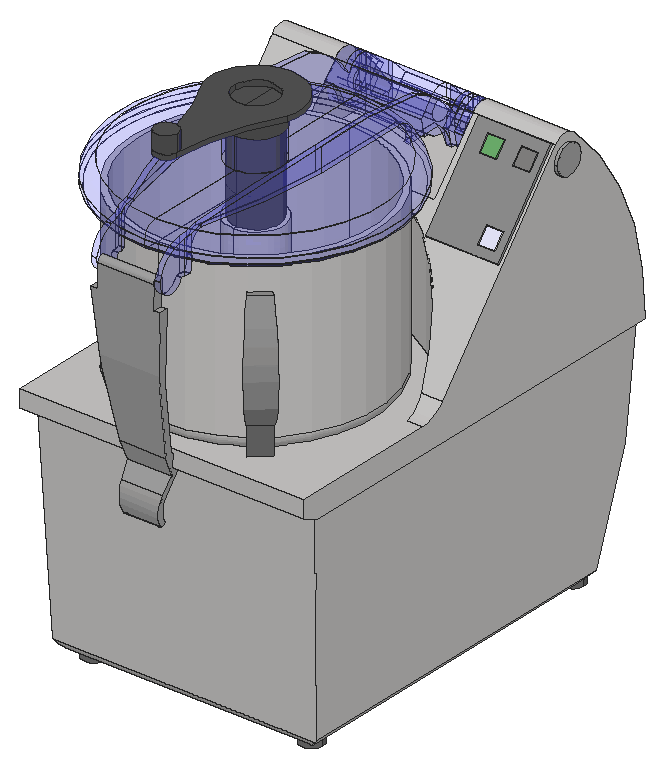
Revit family "QF_DITOSAMA_600456_DK45YVVG", category Specialty Equipment, Revit 2018
Family settings
  Round Connector Dimension = Use Diameter
  Part Type = Normal
  Work Plane-Based = No
  Always vertical = Yes
  Cut with Voids When Loaded = No
  Shared = No
  Room Calculation Point = No
Parameters (values of type "Standard")
  Weight = 22.00 kg
  Watts = 0 W
  Volts = 200 V
  URL Manufacturer = "http://www.ditosama.com"
  URL = "http://www.ditosama.com"
  Steam Supply Size = 0 mm
  Steam Supply Minimum Pressure = 0.0 Pa
  Steam Supply Maximum Pressure = 0.0 Pa
  Steam Pounds per Hour = 0
  Refrigeration Suction Line Size = 0.0 mm
  Refrigeration Liquid Line Size = 0.0 mm
  Refrigerant Compressor Remote = yes
  Manufacturer = "Dito Sama"
  Phase = 1
  Model = "DK45YVVG"
  Length Actual = 256.0 mm  # constant formula
  Item Number = "600456"
  Hot Water Size = 0 mm
  Height Actual = 482.0 mm  # constant formula
  HP = "1.3 HP"
  Gas Size = 0 mm
  Gas KW = 0
  Gas Input Pressure = 0 W
  Direct Waste Size = 0 mm
  Description = "CUTTER-MIXER 4.5L-MICROTOOTHED BLADE-VARIAB.SPEED-1000W-200-240/1/50-60-UK"
  Depth Actual = 415.0 mm  # constant formula
  Cycle = 50 Hz
  Condensate Return Size = 0 mm
  Compressed Air Volume = 0.0 L/s
  Compressed Air Size = 0 mm
  Compressed Air Pressure = 0.0 Pa
  Cold Water Size = 0 mm
  Accessory = yes
Reference planes
  plane 1 "Center (Front/Back)": y = 0
  plane 2: z = 0
  plane 3 "Center (Left/Right)": x = 0
  plane 4 "BASE": z = 6
  plane 5 "TOP": z = 685
  plane 6 "FRONT": y = -207.5
  plane 7 "BACK": y = 207.5
  plane 8 "LEFT": x = -128
  plane 9 "RIGHT": x = 128
  plane 10 "CenterX": x = -10
  plane 11 "Maniglia": through (-10, -59.177, 4000) normal (0.766, 0.6428, 0)
  plane 12 "Panel": through (4267.2, 107.252, 388.448) normal (0, 0.766, -0.6428)
  plane 13: z = 470
Forms (mm)
  Extrusion 1, solid, material "QF_Finishes_Stainless Steel"
    sketch origin (0, 0, 0) x (0, 1, 0) y (0, 0, 1)
      loop
        arc (155.897, 6) -> (160.37, 10.596) -> (163.359, 16.27) r 22.417
        arc (163.359, 16.27) -> (192.273, 107.896) -> (201.98, 203.483) r 470.678
        line (201.98, 203.483) -> (-161.42, 203.483)
        arc (-161.42, 203.483) -> (-159.547, 108.877) -> (-151.391, 14.604) r 1423.016
        arc (-151.391, 14.604) -> (-146.603, 8.365) -> (-139.103, 6) r 13.076
        line (-139.103, 6) -> (155.897, 6)
    from -128 to 128
  Extrusion 2, void
    sketch origin (0, -207.5, 0) x (-1, 0, 0) y (0, 0, 1)
      loop
        line (128, 203.483) -> (125, 203.483) -> (119.389, 16.27) -> (109.119, 6) -> (128, 6) -> (128, 203.483)
      loop
        line (-128, 203.483) -> (-128, 6) -> (-109.119, 6) -> (-119.389, 16.27) -> (-125, 203.483) -> (-128, 203.483)
    from 14.374 to 435.947
  Extrusion 3, solid, material "QF_Finishes_Stainless Steel"
    sketch origin (0, 0, 0) x (0, 1, 0) y (0, 0, 1)
      loop
        arc (207.5, 203.483) -> (187.745, 305.45) -> (127.203, 389.844) r 242.898
        arc (127.203, 389.844) -> (116.931, 393.38) -> (107.252, 388.448) r 13.902
        line (107.252, 388.448) -> (-20.106, 236.67)
        arc (-20.106, 236.67) -> (-30.264, 228.875) -> (-42.764, 226.104) r 29.578
        line (-42.764, 226.104) -> (-177.764, 226.104) -> (-177.764, 211.104) -> (-161.42, 203.483) -> (207.5, 203.483)
    from -128 to 128
  Extrusion 4, void
    sketch origin (0, -207.5, 0) x (-1, 0, 0) y (0, 0, 1)
      loop
        line (-53.607, 393.414) -> (-53.607, 336.684) -> (71.073, 336.684) -> (71.073, 393.414) -> (-53.607, 393.414)
    from 255.469 to 415
  Revolve 5, solid, material "QF_Plastic-Black"
    sketch origin (-10, 0, 0) x (0, -1, 0) y (0, 0, 1)
      loop
        line (59.177, 450.527) -> (28.516, 450.527) -> (35.424, 443.619) -> (35.424, 430.527) -> (38.194, 430.527) -> (38.194, 356.104) -> (59.177, 356.104) -> (59.177, 450.527)
      axis (59.177, 356.104) -> (59.177, 450.527)
    angle from 0 to 360
  Extrusion 6, solid, material "QF_Plastic-Black"
    sketch origin (0, 0, 0) x (1, 0, 0) y (0, 1, 0)
      loop
        arc (-48.167, -71.147) -> (-28.951, -114.517) -> (-19.956, -161.093) r 210.055
        arc (-19.956, -161.093) -> (-10, -170.155) -> (-0.044, -161.093) r 10
        arc (-0.044, -161.093) -> (8.951, -114.517) -> (28.167, -71.147) r 210.055
        arc (28.167, -71.147) -> (-10, -19.177) -> (-48.167, -71.147) r 40
    from 450.5 to 455
  Extrusion 7, solid, material "QF_Plastic-Black"
    sketch origin (0, 0, 0) x (1, 0, 0) y (0, 1, 0)
      loop
        circle (-10, -160.155) r 10
    from 455 to 470
  Extrusion 8, void
    sketch origin (0, 0, 0) x (1, 0, 0) y (0, 1, 0)
      loop
        circle (-10, -59.177) r 19
    from 427.6 to 472.8
  Extrusion 9, void
    sketch origin (0, 0, 0) x (1, 0, 0) y (0, 1, 0)
      loop
        arc (115, -59.177) -> (-10, 65.823) -> (-135, -59.177) r 125
        line (-135, -59.177) -> (115, -59.177)
    from 226.104 to 336.684
  Extrusion 10, void
    sketch origin (-20, 0, 0) x (-1, 0, 0) y (0, -1, 0)
      loop
        line (16.15, 177.864) -> (16.15, -123.86) -> (35.771, -123.86) -> (35.771, 48.192)
        arc (35.771, 48.192) -> (30.047, 105.502) -> (17.781, 161.776) r 500.876
        line (17.781, 161.776) -> (17.781, 171.776) -> (16.15, 177.864)
      loop
        line (40.771, -123.86) -> (45.852, -123.86) -> (45.852, 210.681) -> (21.15, 210.681) -> (21.15, 178.522) -> (22.781, 172.434) -> (22.781, 162.459)
        arc (22.781, 162.459) -> (35.047, 105.893) -> (40.771, 48.297) r 505.876
        line (40.771, 48.297) -> (40.771, -123.86)
    from 350.345 to 477.521
  Extrusion 11, solid, material "Glass"
    sketch origin (-20, 0, 0) x (0, 1, 0) y (0, 0, -1)
      loop
        line (-173.064, -369.647) -> (-181.303, -369.647)
        arc (-181.303, -369.647) -> (-196.341, -361.818) -> (-205.451, -376.117) r 12.548
        arc (-205.451, -376.117) -> (-199.87, -388.651) -> (-189.058, -397.099) r 28.357
        arc (-189.058, -397.099) -> (-65.868, -423.241) -> (59.99, -418.888) r 518.061
        arc (59.99, -418.888) -> (85.116, -404.522) -> (104.437, -382.973) r 90.696
        arc (104.437, -382.973) -> (113.885, -392.821) -> (127.203, -389.844) r 13.902
        arc (127.203, -389.844) -> (135.322, -382.188) -> (143.082, -374.167) r 242.898
        line (143.082, -374.167) -> (137.378, -368.464)
        arc (137.378, -368.464) -> (123.613, -353.84) -> (104.088, -358.543) r 20
        line (104.088, -358.543) -> (99.34, -358.543)
        arc (99.34, -358.543) -> (94.194, -371.609) -> (85.823, -382.884) r 53.446
        line (85.823, -382.884) -> (50.823, -382.884)
        arc (50.823, -382.884) -> (52.796, -383.701) -> (53.614, -385.674) r 2.79
        line (53.614, -385.674) -> (53.614, -390.892)
        arc (53.614, -390.892) -> (50.154, -399.244) -> (41.802, -402.703) r 11.812
        line (41.802, -402.703) -> (-160.307, -402.703)
        arc (-160.307, -402.703) -> (-168.659, -399.244) -> (-172.119, -390.892) r 11.812
        line (-172.119, -390.892) -> (-172.119, -385.826)
        arc (-172.119, -385.826) -> (-171.728, -384.361) -> (-170.659, -383.285) r 2.942
        line (-170.659, -383.285) -> (-173.064, -369.647)
      loop
        circle (117.901, -373.007) r 9.416
    from 16.15 to 45.852
  Extrusion 12, solid, material "Glass"
    sketch origin (0, 0, 0) x (0, 1, 0) y (0, 0, 1)
      loop
        line (137.378, 368.464) -> (143.082, 374.167)
        arc (143.082, 374.167) -> (135.322, 382.188) -> (127.203, 389.844) r 242.898
        arc (127.203, 389.844) -> (116.931, 393.38) -> (107.252, 388.448) r 13.902
        line (107.252, 388.448) -> (95.766, 374.76)
        arc (95.766, 374.76) -> (97.862, 366.72) -> (99.34, 358.543) r 108.872
        line (99.34, 358.543) -> (104.088, 358.543)
        arc (104.088, 358.543) -> (123.613, 353.84) -> (137.378, 368.464) r 20
      loop
        circle (117.901, 373.007) r 9.416
    from -71.073 to 53.607
  Extrusion 13, solid, material "QF_Finishes_Gray"
    sketch origin (0, 0, 0) x (0, 1, 0) y (0, 0, 1)
      loop
        arc (-182.273, 168.111) -> (-185.377, 178.111) -> (-182.273, 188.111) r 17.658
        line (-182.273, 188.111) -> (-169.592, 207.294) -> (-177.764, 211.104) -> (-177.764, 222.201) -> (-180.378, 224.815)
        arc (-180.378, 224.815) -> (-194.973, 298.318) -> (-196.805, 373.235) r 437.299
        arc (-196.805, 373.235) -> (-201.296, 377.726) -> (-205.788, 373.235) r 4.491
        arc (-205.788, 373.235) -> (-201.07, 296.739) -> (-185.461, 221.705) r 534.528
        line (-185.461, 221.705) -> (-177.764, 203.503) -> (-186.394, 190.943)
        arc (-186.394, 190.943) -> (-190.377, 178.111) -> (-186.394, 165.28) r 22.658
        arc (-186.394, 165.28) -> (-182.917, 164.635) -> (-182.273, 168.111) r 2.5
    from -49.646 to 27.326
  Extrusion 14, void
    sketch origin (0, -207.5, 0) x (-1, 0, 0) y (0, 0, 1)
      loop
        line (-15.15, 396.938) -> (-47.326, 396.938) -> (-47.326, 161.938) -> (-5.366, 161.938) -> (-20.516, 351.652) -> (-15.15, 351.652) -> (-15.15, 396.938)
      loop
        line (26.963, 161.938) -> (77.918, 161.938) -> (77.918, 396.938) -> (35.15, 396.938) -> (35.15, 351.652) -> (42.113, 351.652) -> (26.963, 161.938)
    from 46.08 to -69.339
  Extrusion 15, solid, material "Glass"
    sketch origin (0, 0, 0) x (0, 1, 0) y (0, 0, 1)
      loop
        line (-173.064, 369.647) -> (-170.659, 383.285)
        arc (-170.659, 383.285) -> (-171.728, 384.361) -> (-172.119, 385.826) r 2.942
        line (-172.119, 385.826) -> (-172.119, 390.892)
        arc (-172.119, 390.892) -> (-168.659, 399.244) -> (-160.307, 402.703) r 11.812
        line (-160.307, 402.703) -> (41.802, 402.703)
        arc (41.802, 402.703) -> (50.154, 399.244) -> (53.614, 390.892) r 11.812
        line (53.614, 390.892) -> (53.614, 385.674)
        arc (53.614, 385.674) -> (52.796, 383.701) -> (50.823, 382.884) r 2.79
        line (50.823, 382.884) -> (85.823, 382.884)
        arc (85.823, 382.884) -> (94.194, 371.609) -> (99.34, 358.543) r 53.446
        line (99.34, 358.543) -> (104.088, 358.543)
        arc (104.088, 358.543) -> (123.613, 353.84) -> (137.378, 368.464) r 20
        line (137.378, 368.464) -> (143.082, 374.167)
        arc (143.082, 374.167) -> (135.322, 382.188) -> (127.203, 389.844) r 242.898
        arc (127.203, 389.844) -> (113.885, 392.821) -> (104.437, 382.973) r 13.902
        arc (104.437, 382.973) -> (85.116, 404.522) -> (59.99, 418.888) r 90.696
        arc (59.99, 418.888) -> (-65.868, 423.241) -> (-189.058, 397.099) r 518.061
        arc (-189.058, 397.099) -> (-199.87, 388.651) -> (-205.451, 376.117) r 28.357
        arc (-205.451, 376.117) -> (-196.341, 361.818) -> (-181.303, 369.647) r 12.548
        line (-181.303, 369.647) -> (-173.064, 369.647)
      loop
        circle (117.901, 373.007) r 9.416
    from 16.15 to 45.852
  Extrusion 16, void
    sketch origin (0, 0, 0) x (1, 0, 0) y (0, 1, 0)
      loop
        line (16.15, -177.864) -> (17.781, -171.776) -> (17.781, -161.776)
        arc (17.781, -161.776) -> (30.047, -105.502) -> (35.771, -48.192) r 500.876
        line (35.771, -48.192) -> (35.771, 123.86) -> (16.15, 123.86) -> (16.15, -177.864)
      loop
        line (40.771, 123.86) -> (40.771, -48.297)
        arc (40.771, -48.297) -> (35.047, -105.893) -> (22.781, -162.459) r 505.876
        line (22.781, -162.459) -> (22.781, -172.434) -> (21.15, -178.522) -> (21.15, -210.681) -> (45.852, -210.681) -> (45.852, 123.86) -> (40.771, 123.86)
    from 350.345 to 477.521
  Revolve 17, solid, material "Glass"
    sketch origin (-10, 0, -40) x (0, -1, 0) y (0, 0, 1)
      loop
        line (38.194, 422.884) -> (38.194, 470.527) -> (35.424, 470.527) -> (35.424, 442.703) -> (-53.802, 442.703)
        arc (-53.802, 442.703) -> (-62.213, 439.268) -> (-65.732, 430.892) r 11.871
        line (-65.732, 430.892) -> (-65.732, 425.793)
        arc (-65.732, 425.793) -> (-64.88, 423.736) -> (-62.823, 422.884) r 2.909
        line (-62.823, 422.884) -> (38.194, 422.884)
      axis (59.177, 422.884) -> (59.177, 470.527)
    angle from 0 to 360
  Revolve 18, solid, material "QF_Metal-Stainless-Polished"
    sketch origin (-10, 0, 0) x (0, -1, 0) y (0, 0, 1)
      loop
        line (169.177, 382.884) -> (164.177, 382.884) -> (164.177, 237.884)
        arc (164.177, 237.884) -> (162.191, 233.09) -> (157.397, 231.104) r 6.78
        line (157.397, 231.104) -> (84.177, 231.104) -> (84.177, 356.104) -> (79.177, 356.104) -> (79.177, 226.104) -> (157.397, 226.104)
        arc (157.397, 226.104) -> (165.726, 229.554) -> (169.177, 237.884) r 11.78
        line (169.177, 237.884) -> (169.177, 382.884)
      axis (59.177, 382.884) -> (59.177, 226.104)
    angle from 0 to 360
  Extrusion 19, solid, material "QF_Plastic-Gray-Matte"
    sketch origin (-49.423, -13.925, 0) x (0.634002, 0.773331, 0) y (-0.773331, 0.634002, 0)
      loop
        line (-55.497, -222.333) -> (-26.468, -227.794) -> (-20.635, -161.119)
        arc (-20.635, -161.119) -> (-28.727, -159.898) -> (-36.729, -158.185) r 133.529
        line (-36.729, -158.185) -> (-55.497, -222.333)
    from 226.104 to 356.104
  Revolve 20, void
    sketch origin (-35.007, -29.374, 0) x (-0.642788, 0.766044, 0) y (0, 0, 1)
      loop
        arc (-155.215, 337.579) -> (-171.344, 302.579) -> (-155.215, 267.579) r 46.04
        line (-155.215, 267.579) -> (-147.754, 267.579) -> (-147.754, 337.579) -> (-155.215, 337.579)
      loop
        line (-155.215, 356.104) -> (-147.754, 356.104) -> (-147.754, 361.761) -> (-215.215, 361.761) -> (-215.215, 226.104) -> (-147.754, 226.104) -> (-147.754, 256.485) -> (-163.93, 256.485)
        arc (-163.93, 256.485) -> (-184.453, 308.471) -> (-155.215, 356.104) r 62.537
      axis (10, 361.761) -> (10, 226.104)
    angle from -8.217 to 8.652
  Extrusion 21, solid, material "QF_Finishes_Rubber Black"
    sketch origin (0, 0, 0) x (1, 0, 0) y (0, 1, 0)
      loop
        arc (57.446, -154.071) -> (64.931, -148.135) -> (72.061, -141.775) r 165.215
        line (72.061, -141.775) -> (66.401, -136.116)
        arc (66.401, -136.116) -> (59.824, -141.977) -> (52.928, -147.46) r 157.215
        line (52.928, -147.46) -> (57.446, -154.071)
    from 226.104 to 256.485
  Extrusion 22, solid, material "QF_Plastic-Gray-Matte"
    sketch origin (0, -128.336, 107.686) x (0, 0.642788, 0.766044) y (1, 0, 0)
      loop
        line (366.07, 59.066) -> (366.07, 124.8) -> (272.743, 124.8) -> (272.743, 59.066) -> (366.07, 59.066)
      loop
        line (356.63, 102.599) -> (356.63, 117.599) -> (341.63, 117.599) -> (341.63, 102.599) -> (356.63, 102.599)
      loop
        line (295.63, 102.599) -> (295.63, 117.599) -> (280.63, 117.599) -> (280.63, 102.599) -> (295.63, 102.599)
      loop
        line (356.63, 72.599) -> (356.63, 87.599) -> (341.63, 87.599) -> (341.63, 72.599) -> (356.63, 72.599)
    from -1 to 0.6
  Extrusion 23, solid, material "QF_Finishes_Red"
    sketch origin (0, -128.336, 107.686) x (0, 0.642788, 0.766044) y (1, 0, 0)
      loop
        line (356.63, 102.599) -> (356.63, 117.599) -> (341.63, 117.599) -> (341.63, 102.599) -> (356.63, 102.599)
    from -1 to 0.6
  Extrusion 24, solid, material "QF_Finishes_Green"
    sketch origin (-27.396, -127.834, 108.284) x (0, 0.642788, 0.766044) y (1, 0, 0)
      loop
        line (355.85, 99.994) -> (355.85, 114.994) -> (340.786, 114.994) -> (340.786, 99.994) -> (355.85, 99.994)
    from -1 to 0.6
  Extrusion 25, solid, material "QF_Plastic-White-Matte"
    sketch origin (0, -167.546, 60.958) x (0, 0.642788, 0.766044) y (1, 0, 0)
      loop
        line (356.63, 102.599) -> (356.63, 117.599) -> (341.63, 117.599) -> (341.63, 102.599) -> (356.63, 102.599)
    from -1 to 0.6
  Extrusion 26, solid, material "QF_Finishes_Stainless Steel"
    sketch origin (0, 207.5, 0) x (-1, 0, 0) y (0, 0, 1)
      loop
        circle (0, 202) r 10.353
    from -6.2 to 3
  Revolve 27, solid, material "QF_Door-Drawer Clearances", detail levels coarse
    sketch origin (-10, -221.856, 479.549) x (0, 0, 1) y (0, 1, 0)
      loop
        line (59.177, 490.527) -> (28.516, 490.527) -> (35.424, 483.619) -> (35.424, 470.527) -> (38.194, 470.527) -> (38.194, 442.703) -> (59.177, 442.703) -> (59.177, 490.527)
      axis (59.177, 442.703) -> (59.177, 490.527)
    angle from 0 to 360
  Extrusion 28, solid, material "QF_Door-Drawer Clearances", detail levels coarse
    sketch origin (0, -221.856, 479.549) x (1, 0, 0) y (0, 0, -1)
      loop
        arc (-48.167, -71.147) -> (-28.951, -114.517) -> (-19.956, -161.093) r 210.055
        arc (-19.956, -161.093) -> (-10, -170.155) -> (-0.044, -161.093) r 10
        arc (-0.044, -161.093) -> (8.951, -114.517) -> (28.167, -71.147) r 210.055
        arc (28.167, -71.147) -> (-10, -19.177) -> (-48.167, -71.147) r 40
    from 490.527 to 495.013
  Extrusion 29, solid, material "QF_Door-Drawer Clearances", detail levels coarse
    sketch origin (0, -221.856, 479.549) x (1, 0, 0) y (0, 0, -1)
      loop
        circle (-10, -160.155) r 10
    from 495.013 to 510.592
  Extrusion 30, void
    sketch origin (-20, -221.856, 479.359) x (-1, 0, 0) y (0, 0, 1)
      loop
        line (16.15, 177.864) -> (16.15, -123.86) -> (35.771, -123.86) -> (35.771, 48.192)
        arc (35.771, 48.192) -> (30.047, 105.502) -> (17.781, 161.776) r 500.876
        line (17.781, 161.776) -> (17.781, 171.776) -> (16.15, 177.864)
      loop
        line (40.771, -123.86) -> (45.852, -123.86) -> (45.852, 210.681) -> (21.15, 210.681) -> (21.15, 178.522) -> (22.781, 172.434) -> (22.781, 162.459)
        arc (22.781, 162.459) -> (35.047, 105.893) -> (40.771, 48.297) r 505.876
        line (40.771, 48.297) -> (40.771, -123.86)
    from 350.345 to 477.521
  Extrusion 31, solid, material "QF_Door-Drawer Clearances", detail levels coarse
    sketch origin (-20, -221.856, 479.359) x (0, 0, -1) y (0, -1, 0)
      loop
        line (-173.064, -409.647) -> (-181.303, -409.647)
        arc (-181.303, -409.647) -> (-196.341, -401.818) -> (-205.451, -416.117) r 12.548
        arc (-205.451, -416.117) -> (-199.87, -428.651) -> (-189.058, -437.099) r 28.357
        arc (-189.058, -437.099) -> (-65.868, -463.241) -> (59.99, -458.888) r 518.061
        arc (59.99, -458.888) -> (92.246, -438.11) -> (113.023, -405.855) r 90.696
        arc (113.023, -405.855) -> (114.903, -399.662) -> (115.972, -393.28) r 50.278
        arc (115.972, -393.28) -> (121.968, -392.806) -> (127.203, -389.844) r 13.902
        arc (127.203, -389.844) -> (129.309, -387.924) -> (131.393, -385.98) r 242.898
        arc (131.393, -385.98) -> (114.739, -373.307) -> (99.238, -359.247) r 242.898
        arc (99.238, -359.247) -> (87.934, -393.903) -> (65.823, -422.884) r 108.872
        line (65.823, -422.884) -> (50.823, -422.884)
        arc (50.823, -422.884) -> (52.796, -423.701) -> (53.614, -425.674) r 2.79
        line (53.614, -425.674) -> (53.614, -430.892)
        arc (53.614, -430.892) -> (50.154, -439.244) -> (41.802, -442.703) r 11.812
        line (41.802, -442.703) -> (-160.307, -442.703)
        arc (-160.307, -442.703) -> (-168.659, -439.244) -> (-172.119, -430.892) r 11.812
        line (-172.119, -430.892) -> (-172.119, -425.826)
        arc (-172.119, -425.826) -> (-171.728, -424.361) -> (-170.659, -423.285) r 2.942
        line (-170.659, -423.285) -> (-173.064, -409.647)
    from 16.15 to 45.852
  Extrusion 32, void
    sketch origin (0, -221.856, 479.359) x (1, 0, 0) y (0, 0, -1)
      loop
        line (16.15, -177.864) -> (17.781, -171.776) -> (17.781, -161.776)
        arc (17.781, -161.776) -> (30.047, -105.502) -> (35.771, -48.192) r 500.876
        line (35.771, -48.192) -> (35.771, 123.86) -> (16.15, 123.86) -> (16.15, -177.864)
      loop
        line (40.771, 123.86) -> (40.771, -48.297)
        arc (40.771, -48.297) -> (35.047, -105.893) -> (22.781, -162.459) r 505.876
        line (22.781, -162.459) -> (22.781, -172.434) -> (21.15, -178.522) -> (21.15, -210.681) -> (45.852, -210.681) -> (45.852, 123.86) -> (40.771, 123.86)
    from 350.345 to 477.521
  Extrusion 33, solid, material "QF_Door-Drawer Clearances", detail levels coarse
    sketch origin (0, -221.856, 479.359) x (0, 0, -1) y (0, 1, 0)
      loop
        line (-173.064, 409.647) -> (-170.659, 423.285)
        arc (-170.659, 423.285) -> (-171.728, 424.361) -> (-172.119, 425.826) r 2.942
        line (-172.119, 425.826) -> (-172.119, 430.892)
        arc (-172.119, 430.892) -> (-168.659, 439.244) -> (-160.307, 442.703) r 11.812
        line (-160.307, 442.703) -> (41.802, 442.703)
        arc (41.802, 442.703) -> (50.154, 439.244) -> (53.614, 430.892) r 11.812
        line (53.614, 430.892) -> (53.614, 425.674)
        arc (53.614, 425.674) -> (52.796, 423.701) -> (50.823, 422.884) r 2.79
        line (50.823, 422.884) -> (65.823, 422.884)
        arc (65.823, 422.884) -> (87.934, 393.903) -> (99.238, 359.247) r 108.872
        arc (99.238, 359.247) -> (114.739, 373.307) -> (131.393, 385.98) r 242.898
        arc (131.393, 385.98) -> (129.309, 387.924) -> (127.203, 389.844) r 242.898
        arc (127.203, 389.844) -> (121.968, 392.806) -> (115.972, 393.28) r 13.902
        arc (115.972, 393.28) -> (114.903, 399.662) -> (113.023, 405.855) r 50.278
        arc (113.023, 405.855) -> (92.246, 438.11) -> (59.99, 458.888) r 90.696
        arc (59.99, 458.888) -> (-65.868, 463.241) -> (-189.058, 437.099) r 518.061
        arc (-189.058, 437.099) -> (-199.87, 428.651) -> (-205.451, 416.117) r 28.357
        arc (-205.451, 416.117) -> (-196.341, 401.818) -> (-181.303, 409.647) r 12.548
        line (-181.303, 409.647) -> (-173.064, 409.647)
    from 16.15 to 45.852
  Revolve 34, solid, material "QF_Door-Drawer Clearances", detail levels coarse
    sketch origin (-10, -221.856, 479.549) x (0, 0, 1) y (0, 1, 0)
      loop
        line (38.194, 422.884) -> (38.194, 470.527) -> (35.424, 470.527) -> (35.424, 442.703) -> (-53.802, 442.703)
        arc (-53.802, 442.703) -> (-62.213, 439.268) -> (-65.732, 430.892) r 11.871
        line (-65.732, 430.892) -> (-65.732, 425.793)
        arc (-65.732, 425.793) -> (-64.88, 423.736) -> (-62.823, 422.884) r 2.909
        line (-62.823, 422.884) -> (38.194, 422.884)
      axis (59.177, 422.884) -> (59.177, 470.527)
    angle from 0 to 360
  Extrusion 35, solid, material "QF_Finishes_Rubber Black"
    sketch origin (0, 0, 0) x (1, 0, 0) y (0, 1, 0)
      loop
        circle (-98.592, 163.359) r 10
      loop
        circle (-98.592, -131.641) r 10
      loop
        circle (98.592, 163.359) r 10
      loop
        circle (98.592, -131.641) r 10
    from 0 to 6
  Extrusion 36, solid, material "QF_Finishes_Gray"
    sketch origin (0, 0, 0) x (0, 1, 0) y (0, 0, 1)
      loop
        circle (117.901, 373.007) r 13.005
    from 131.516 to 128
  Extrusion 37, solid, material "QF_Finishes_Gray"
    sketch origin (0, 0, 0) x (0, 1, 0) y (0, 0, -1)
      loop
        circle (117.901, -373.007) r 13.005
    from 131.516 to 128
Cuts and joins
  Extrusion 2, Extrusion 8, Extrusion 9 cuts Extrusion 1
  Extrusion 4, Extrusion 9 cuts Extrusion 3
  Extrusion 8 cuts Extrusion 6
  Extrusion 10, Extrusion 16, Extrusion 30, Extrusion 32 cuts Extrusion 11
  Extrusion 14, Extrusion 16, Extrusion 30 cuts Extrusion 13
  Extrusion 16, Extrusion 30, Extrusion 32 cuts Extrusion 12
  Extrusion 16 cuts Extrusion 15
  Revolve 20 cuts Extrusion 19
  Extrusion 30 cuts Revolve 17
  Extrusion 30 cuts Revolve 18
  Extrusion 30, Extrusion 32 cuts Extrusion 31
  Extrusion 32 cuts Extrusion 33
Lines and regions (mm)
  symbolic lines
    curve 1: arc (-10, -172.155, 0) -> (3.999, -171.284, 0) -> (17.781, -168.686, 0) r 112.979
    curve 2: arc (-10, -184.085, 0) -> (-23.148, -183.391, 0) -> (-36.15, -181.317, 0) r 124.909
    curve 3: line (128, -157.764, 0) -> (128, 187.57, 0)
    curve 4: line (124.8, 106.204, 0) -> (59.066, 106.204, 0)
    curve 5: line (102.599, 90.494, 0) -> (117.599, 90.494, 0)
    curve 6: line (117.599, 62.151, 0) -> (102.599, 62.151, 0)
    curve 7: line (102.599, 51.284, 0) -> (117.599, 51.284, 0)
    curve 8: line (102.599, 62.151, 0) -> (102.599, 51.284, 0)
    curve 9: line (117.599, 51.284, 0) -> (117.599, 62.151, 0)
    curve 10: line (117.599, 90.494, 0) -> (117.599, 101.361, 0)
    curve 11: line (102.599, 101.361, 0) -> (102.599, 90.494, 0)
    curve 12: arc (-0.044, -161.093, 0) -> (8.951, -114.517, 0) -> (28.167, -71.147, 0) r 210.055
    curve 13: arc (28.167, -71.147, 0) -> (-10, -19.177, 0) -> (-48.167, -71.147, 0) r 40
    curve 14: arc (-48.167, -71.147, 0) -> (-28.951, -114.517, 0) -> (-19.956, -161.093, 0) r 210.055
    curve 15: arc (-19.956, -161.093, 0) -> (-10, -170.155, 0) -> (-0.044, -161.093, 0) r 10
    curve 16: arc (0, -160.155, 0) -> (-10, -150.155, 0) -> (-20, -160.155, 0) r 10
    curve 17: arc (-55.771, -48.192, 0) -> (-50.047, -105.502, 0) -> (-37.781, -161.776, 0) r 500.876
    curve 18: arc (-42.781, -162.459, 0) -> (-55.047, -105.893, 0) -> (-60.771, -48.297, 0) r 505.876
    curve 19: line (-55.771, 123.86, 0) -> (-55.771, -48.192, 0)
    curve 20: line (-60.771, -48.297, 0) -> (-60.771, 123.86, 0)
    curve 21: line (40.771, 123.86, 0) -> (40.771, -48.297, 0)
    curve 22: line (35.771, -48.192, 0) -> (35.771, 123.86, 0)
    curve 23: arc (40.771, -48.297, 0) -> (35.047, -105.893, 0) -> (22.781, -162.459, 0) r 505.876
    curve 24: arc (17.781, -161.776, 0) -> (30.047, -105.502, 0) -> (35.771, -48.192, 0) r 500.876
    curve 25: line (22.781, -162.459, 0) -> (22.781, -172.434, 0)
    curve 26: line (17.781, -171.776, 0) -> (17.781, -161.776, 0)
    curve 27: line (16.15, -177.864, 0) -> (17.781, -171.776, 0)
    curve 28: line (22.781, -172.434, 0) -> (21.15, -178.522, 0)
    curve 29: line (21.15, -178.522, 0) -> (21.15, -205.641, 0)
    curve 30: line (-37.781, -161.776, 0) -> (-37.781, -171.776, 0)
    curve 31: line (-42.781, -172.434, 0) -> (-42.781, -162.459, 0)
    curve 32: line (-41.15, -178.522, 0) -> (-42.781, -172.434, 0)
    curve 33: line (-37.781, -171.776, 0) -> (-36.15, -177.864, 0)
    curve 34: line (-41.15, -205.641, 0) -> (-41.15, -178.522, 0)
    curve 35: spline (22.008, -197.61, 0) -> (21.937, -197.617, 0) -> (21.865, -197.622, 0) -> (21.794, -197.626, 0) -> (21.722, -197.627, 0) -> (21.651, -197.627, 0) -> (21.579, -197.625, 0) -> (21.508, -197.621, 0) -> (21.436, -197.615, 0) -> (21.365, -197.608, 0) -> (21.293, -197.598, 0) -> (21.222, -197.587, 0) -> (21.15, -197.574, 0)
    curve 36: line (-71.073, 171.51, 0) -> (53.607, 171.51, 0)
    curve 37: line (59.066, 46.214, 0) -> (124.8, 46.214, 0)
    curve 38: line (59.066, 106.204, 0) -> (59.066, 46.214, 0)
    curve 39: line (124.8, 46.214, 0) -> (124.8, 107.429, 0)
    curve 40: line (53.607, 48.324, 0) -> (53.607, 171.51, 0)
    curve 41: line (-71.073, 171.51, 0) -> (-71.073, 49.783, 0)
    curve 42: arc (40.771, 54.948, 0) -> (114.476, -69.566, 0) -> (21.15, -180.138, 0) r 124.909
    curve 43: arc (-60.771, 41.751, 0) -> (-122.562, -68.863, 0) -> (-42.781, -167.295, 0) r 112.979
    curve 44: line (93.154, -162.392, 0) -> (78.293, -147.531, 0)
    curve 45: line (93.154, -162.392, 0) -> (74.048, -178.424, 0)
    curve 46: line (74.048, -178.424, 0) -> (61.96, -161.274, 0)
    curve 47: arc (-37.781, -168.686, 0) -> (-23.999, -171.284, 0) -> (-10, -172.155, 0) r 112.979
    curve 48: arc (-41.15, -180.138, 0) -> (-94.625, -151.05, 0) -> (-128, -100.142, 0) r 124.909
    curve 49: arc (22.781, -167.295, 0) -> (102.562, -68.863, 0) -> (40.771, 41.751, 0) r 112.979
    curve 50: arc (16.15, -181.317, 0) -> (3.148, -183.391, 0) -> (-10, -184.085, 0) r 124.909
    curve 51: line (16.15, -205.242, 0) -> (16.15, -177.864, 0)
    curve 52: line (-36.15, -205.641, 0) -> (-36.15, -177.864, 0)
    curve 53: line (-41.15, -205.641, 0) -> (21.15, -205.641, 0)
    curve 54: line (22.008, -205.53, 0) -> (22.008, -197.61, 0)
    curve 55: line (22.008, -205.53, 0) -> (21.15, -205.53, 0)
    curve 56: spline (-42.008, -197.61, 0) -> (-41.937, -197.617, 0) -> (-41.865, -197.622, 0) -> (-41.794, -197.626, 0) -> (-41.722, -197.627, 0) -> (-41.651, -197.627, 0) -> (-41.579, -197.625, 0) -> (-41.508, -197.621, 0) -> (-41.436, -197.615, 0) -> (-41.365, -197.608, 0) -> (-41.293, -197.598, 0) -> (-41.222, -197.587, 0) -> (-41.15, -197.574, 0)
    curve 57: line (-42.008, -205.53, 0) -> (-42.008, -197.61, 0)
    curve 58: line (-42.008, -205.53, 0) -> (-41.15, -205.53, 0)
    curve 59: arc (-128, -18.211, 0) -> (-101.973, 25.34, 0) -> (-60.771, 54.948, 0) r 124.909
    curve 60: arc (-128, -100.142, 0) -> (-134.909, -59.177, 0) -> (-128, -18.211, 0) r 124.909
    curve 61: line (-108, -177.764, 0) -> (-49.233, -177.764, 0)
    curve 62: line (-128, 187.57, 0) -> (-128, -17.764, 0)
    curve 63: line (29.233, -177.764, 0) -> (108, -177.764, 0)
    curve 64: line (-128, -97.764, 0) -> (-128, -157.764, 0)
    curve 65: line (-108, 207.57, 0) -> (108, 207.57, 0)
    curve 66: arc (-128, -157.764, 0) -> (-122.142, -171.906, 0) -> (-108, -177.764, 0) r 20
    curve 67: arc (108, -177.764, 0) -> (122.142, -171.906, 0) -> (128, -157.764, 0) r 20
    curve 68: arc (128, 187.57, 0) -> (122.142, 201.713, 0) -> (108, 207.57, 0) r 20
    curve 69: arc (-108, 207.57, 0) -> (-122.142, 201.713, 0) -> (-128, 187.57, 0) r 20
    curve 70: line (45.852, 123.86, 0) -> (-71.073, 123.86, 0)
    curve 71: line (45.852, 137.378, 0) -> (-65.852, 137.378, 0)
    curve 72: line (45.852, 143.082, 0) -> (-65.852, 143.082, 0)
    curve 73: line (53.607, 123.86, 0) -> (45.852, 123.86, 0)
    curve 74: line (45.852, 123.86, 0) -> (45.852, 170.216, 0)
    curve 75: line (45.852, 170.216, 0) -> (-65.852, 170.216, 0)
    curve 76: line (-65.852, 170.216, 0) -> (-65.852, 123.86, 0)
    curve 77: line (102.599, 101.361, 0) -> (117.599, 101.361, 0)
    curve 78: line (72.599, 90.494, 0) -> (87.599, 90.494, 0)
    curve 79: line (87.599, 90.494, 0) -> (87.599, 101.361, 0)
    curve 80: line (72.599, 101.361, 0) -> (72.599, 90.494, 0)
    curve 81: line (72.599, 101.361, 0) -> (87.599, 101.361, 0)
Dimensions and locks
  plane 4 "BASE" to level = 6.0 mm
  plane 5 "TOP" to level = 685.0 mm  (x2)
  plane 8 "LEFT" to plane 3 "Center (Left/Right)" to plane 9 "RIGHT" = 128.0 mm, 128.0 mm
  plane 7 "BACK" to plane 1 "Center (Front/Back)" to plane 6 "FRONT" = 207.5 mm, 207.5 mm
  plane 7 "BACK" to plane 6 "FRONT" = 415.0 mm
  plane 8 "LEFT" to plane 9 "RIGHT" = 256.0 mm
  plane 10 "CenterX" to plane 3 "Center (Left/Right)" = 10.0 mm
  plane 13 to level = 470.0 mm
  aligned and locked: level to plane 2
  aligned and locked: Extrusion 22 sketch curve to Extrusion 23
Connectors
  electrical at (0, 210.5, 202)
    settings: on Extrusion 26, index 1, voltage 0 V, apparent load 0 VA, apparent load phase1 0 VA, apparent load phase2 0 VA, apparent load phase3 0 VA, power factor 1, load classification "Other", number of poles 1, system type 30, power factor state 1, is connector primary yes, connector utility no, sub classification motor no, connector description "Electrical connection"
